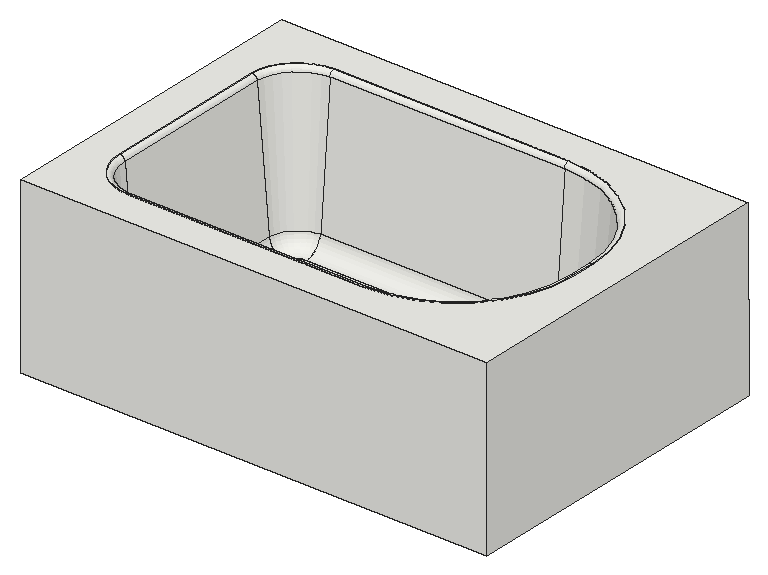
Revit family "M_浴盆-矩形-3D", category 衛工裝置, Revit 2014
Parameters (values of type "72 x 103 cm")
  深度 = 720.00 mm
  高度 = 380.00 mm
  浴盆材質 = 瓷器 - 象牙白
  寬度 = 1030.00 mm
Types (6, lengths in mm): name | 寬度
  72 x 103 cm | 1030.00
  72 x 148.5 cm | 1485.00
  72 x 123 cm | 1230.00
  72 x 172 cm | 1720.00
  72 x 168 cm | 1680.00
  72 x 157 cm | 1570.00
Reference planes
  plane 1: y = 0
  plane 2: y = 76.2
  plane 3: y = 796.2
  plane 4: x = -1110.603
  plane 5: x = -80.603
  plane 6: y = 436.2
  plane 7: x = -595.603
  plane 8: z = 380
  plane 9: z = 360.95
Forms (mm)
  Sweep 1, solid, material "瓷器 - 象牙白" <- "浴盆材質"
    path origin (0, 0, 380) x (0, 1, 0) y (-1, 0, 0)
      loop
        line (720, 415.203) -> (720, 932.803)
        arc (720, 932.803) -> (690.242, 1004.645) -> (618.4, 1034.403) r 101.6
        line (618.4, 1034.403) -> (254, 1034.403)
        arc (254, 1034.403) -> (182.158, 1004.645) -> (152.4, 932.803) r 101.6
        line (152.4, 932.803) -> (152.4, 415.203)
        arc (152.4, 415.203) -> (228.084, 232.487) -> (410.8, 156.803) r 258.4
        line (410.8, 156.803) -> (461.6, 156.803)
        arc (461.6, 156.803) -> (644.316, 232.487) -> (720, 415.203) r 258.4
    profile origin (-674.003, 0, 380) x (0, -1, 0) y (0, 0, 1)
      loop
        line (-720, 0) -> (-720, -364.136) -> (-643.396, -364.136) -> (-643.396, -345.086)
        arc (-643.396, -345.086) -> (-669.136, -335.077) -> (-681.351, -310.307) r 38.1
        line (-681.351, -310.307) -> (-707.522, -11.177)
        arc (-707.522, -11.177) -> (-711.624, -3.203) -> (-720, 0) r 12.554
  Extrusion 2, solid, material "瓷器 - 象牙白" <- "浴盆材質"
    sketch origin (-415.203, 410.8, 15.864) x (0, -1, 0) y (1, 0, 0)
      loop
        arc (-232.596, -517.6) -> (-225.275, -535.275) -> (-207.6, -542.596) r 24.996
        line (-207.6, -542.596) -> (156.8, -542.596)
        arc (156.8, -542.596) -> (174.475, -535.275) -> (181.796, -517.6) r 24.996
        line (181.796, -517.6) -> (181.796, 0)
        arc (181.796, 0) -> (128.55, 128.55) -> (0, 181.796) r 181.796
        line (0, 181.796) -> (-50.8, 181.796)
        arc (-50.8, 181.796) -> (-179.35, 128.55) -> (-232.596, 0) r 181.796
        line (-232.596, 0) -> (-232.596, -517.6)
      loop
        circle (-25.4, -498.394) r 22.225
    from 0 to 19.05
  Extrusion 3, solid, material "瓷器 - 象牙白" <- "浴盆材質"
    sketch origin (0, 0, 0) x (1, 0, 0) y (0, 1, 0)
      loop
        line (-1110.603, 796.2) -> (-1110.603, 76.2) -> (-80.603, 76.2) -> (-80.603, 796.2) -> (-1110.603, 796.2)
      loop
        line (-1091.553, 777.15) -> (-1091.553, 95.25) -> (-99.653, 95.25) -> (-99.653, 777.15) -> (-1091.553, 777.15)
    from 0 to 360.95
  Extrusion 4, solid, material "瓷器 - 象牙白" <- "浴盆材質"
    sketch origin (0, 0, 380) x (0, 1, 0) y (-1, 0, 0)
      loop
        line (796.2, 1110.603) -> (76.2, 1110.603) -> (76.2, 80.603) -> (796.2, 80.603) -> (796.2, 1110.603)
      loop
        line (720, 415.203) -> (720, 932.803)
        arc (720, 932.803) -> (690.242, 1004.645) -> (618.4, 1034.403) r 101.6
        line (618.4, 1034.403) -> (254, 1034.403)
        arc (254, 1034.403) -> (182.158, 1004.645) -> (152.4, 932.803) r 101.6
        line (152.4, 932.803) -> (152.4, 415.203)
        arc (152.4, 415.203) -> (228.084, 232.487) -> (410.8, 156.803) r 258.4
        line (410.8, 156.803) -> (461.6, 156.803)
        arc (461.6, 156.803) -> (644.316, 232.487) -> (720, 415.203) r 258.4
    from 0 to -19.05
Cuts and joins
  joined: Extrusion 3, Extrusion 4
Lines and regions (mm)
  Masking region 1
    outline origin (0, 0, 0) x (1, 0, 0) y (0, 1, 0)
      loop
        line (-1110.603, 796.2) -> (-1110.603, 76.2) -> (-80.603, 76.2) -> (-80.603, 796.2) -> (-1110.603, 796.2)
  symbolic lines
    curve 1: line (-932.803, 152.4, 0) -> (-436.203, 152.4, 0)
    curve 2: line (-1034.403, 618.4, 0) -> (-1034.403, 254, 0)
    curve 3: line (-436.203, 720, 0) -> (-932.803, 720, 0)
    curve 4: line (-177.803, 410.8, 0) -> (-177.803, 461.6, 0)
    curve 5: arc (-932.803, 720, 0) -> (-1004.645, 690.242, 0) -> (-1034.403, 618.4, 0) r 101.6
    curve 6: arc (-1034.403, 254, 0) -> (-1004.645, 182.158, 0) -> (-932.803, 152.4, 0) r 101.6
    curve 7: arc (-436.203, 720, 0) -> (-253.487, 644.316, 0) -> (-177.803, 461.6, 0) r 258.4
    curve 8: arc (-177.803, 410.8, 0) -> (-253.487, 228.084, 0) -> (-436.203, 152.4, 0) r 258.4
    curve 9: arc (-913.597, 458.425, 0) -> (-891.372, 436.2, 0) -> (-913.597, 413.975, 0) r 22.225
    curve 10: arc (-913.597, 413.975, 0) -> (-935.822, 436.2, 0) -> (-913.597, 458.425, 0) r 22.225
Text (mm)
  text "內部" at (0, 975.983, 732.49), in view "右"
  text "內部" at (0, 649.11, 765.354), in view "左"
Dimensions and locks
  equal spacing: plane 4, plane 7, plane 5
  "寬度": plane 4 to plane 5
  equal spacing: plane 2, plane 6, plane 3
  "深度": plane 2 to plane 3
  "高度": host wall to plane 8
  locked: plane 9 to plane 8 at 19.05
  aligned and locked: plane 2 to host wall
  aligned and locked: Sweep 1 sketch curve to Extrusion 4  (x2)
  aligned and locked: Extrusion 2 sketch curve to Sweep 1  (x2)
  aligned and locked: Sweep 1 to Extrusion 4
  aligned and locked: Extrusion 3 to plane 9
  aligned and locked: plane 3 to Masking region 1 sketch curve
  aligned and locked: plane 4 to Masking region 1 sketch curve
  aligned and locked: Masking region 1 sketch curve to plane 5
  aligned and locked: Masking region 1 sketch curve to plane 2
Automatic sketch dimensions
  Sweep 1 sketch curve to plane 8 = 0.00 mm
  Sweep 1 sketch curve to profile plane = 0.00 mm
  plane 8 to Sweep 1 sketch curve = 11.177 mm
  Sweep 1 sketch curve to profile plane = 12.478 mm
  Sweep 1 sketch curve to profile plane = 38.649 mm
  Sweep 1 sketch curve to Sweep 1 sketch curve = 37.955 mm
  Sweep 1 sketch curve to Sweep 1 sketch curve = 295.81 mm
  Sweep 1 sketch curve to Sweep 1 sketch curve = 3.321 mm
  Sweep 1 sketch curve to Sweep 1 sketch curve = 19.05 mm
  Extrusion 3 sketch curve to plane 3 = 0.00 mm
  Extrusion 3 sketch curve to plane 4 = 0.00 mm
  Extrusion 3 sketch curve to plane 2 = 0.00 mm
  Extrusion 3 sketch curve to plane 5 = 0.00 mm
  plane 4 to Extrusion 3 sketch curve = 19.05 mm
  Extrusion 3 sketch curve to Extrusion 3 sketch curve = 19.05 mm
  Extrusion 3 sketch curve to plane 2 = 19.05 mm
  plane 3 to Extrusion 3 sketch curve = 19.05 mm
  Extrusion 4 sketch curve to plane 2 = 0.00 mm
  Extrusion 4 sketch curve to plane 3 = 0.00 mm
  Extrusion 4 sketch curve to plane 2 = 76.20 mm
  plane 4 to Extrusion 4 sketch curve = 76.20 mm
  Extrusion 4 sketch curve to Extrusion 4 sketch curve = 101.60 mm
  plane 6 to Extrusion 4 sketch curve = 25.40 mm
  Extrusion 4 sketch curve to plane 6 = 25.40 mm
  Extrusion 4 sketch curve to Extrusion 4 sketch curve = 177.80 mm
  plane 3 to Extrusion 4 sketch curve = 76.20 mm
  Extrusion 4 sketch curve to plane 5 = 0.00 mm
  Extrusion 4 sketch curve to plane 4 = 0.00 mm
  Extrusion 4 sketch curve to plane 5 = 76.20 mm
  Sweep 1 sketch curve to Sweep 1 sketch curve = 101.60 mm
  plane 6 to Sweep 1 sketch curve = 25.40 mm
  Sweep 1 sketch curve to plane 6 = 25.40 mm
  plane 3 to Sweep 1 sketch curve = 177.80 mm
  plane 3 to Sweep 1 sketch curve = 76.20 mm
  plane 4 to Sweep 1 sketch curve = 177.80 mm
  Extrusion 2 sketch curve to plane 6 = 0.00 mm
  Extrusion 2 sketch curve to Extrusion 2 sketch curve = 22.225 mm
  Extrusion 2 sketch curve to plane 6 = 25.40 mm
  plane 3 to Extrusion 2 sketch curve = 177.80 mm
  plane 3 to Extrusion 2 sketch curve = 152.804 mm
  plane 6 to Extrusion 2 sketch curve = 25.40 mm
  Extrusion 2 sketch curve to Extrusion 2 sketch curve = 24.996 mm
  plane 4 to Extrusion 2 sketch curve = 197.006 mm
  plane 4 to Extrusion 2 sketch curve = 177.80 mm
  curve 10 to plane 6 = 0.00 mm
  plane 4 to curve 2 = 76.20 mm
  host wall to curve 1 = 76.20 mm
  curve 6 to curve 1 = 101.60 mm
  plane 3 to curve 5 = 76.20 mm
  curve 2 to curve 5 = 101.60 mm
  plane 6 to curve 10 = 22.225 mm
  curve 6 to curve 10 = 19.206 mm
  curve 3 to plane 5 = 355.60 mm
  curve 1 to curve 7 = 0.00 mm
  plane 6 to curve 8 = 25.40 mm
